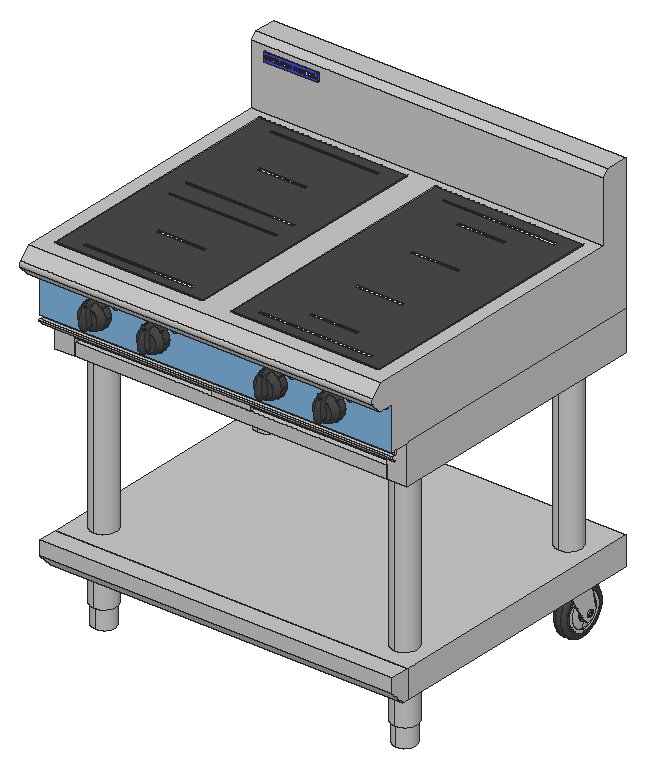
Revit family "QF_Moffat_IN514R3F-LS_Induction_Cooktop_cat", category Specialty Equipment, Revit 2019
Family settings
  Round Connector Dimension = Use Diameter
  Part Type = Normal
  Work Plane-Based = No
  Always vertical = Yes
  Cut with Voids When Loaded = No
  Shared = No
  Room Calculation Point = No
Parameters (values of type "IN514R3F-LS_415/60/3")
  Weight in Kilograms = 105
  Watts = 17000 W
  Volts = 415 V
  URL Cutsheet = ""
  Specification by User = ""
  Specification by Manufacturer = ""
  Show Logo [instance] = yes
  Show Legs [instance] = not(Show Castors)  # no
  Show Castors [instance] = yes
  Serial Number = ""
  Seismic Rating = ""
  SMACNA No = ""
  Revision Code = ""
  Phase = 3
  Number of Poles = 1
  NAFEM Spec ID Number = ""
  Model = "IN514R3F-LS"
  Min Ckt Ampacity = 0 A
  Max Overcurrent Protection = 0 A
  Masterspec = ""
  Manufacturer = "Moffat"
  Length = 900 mm
  Item Number = ""
  Installed By = ""
  Identify Quantity as Lot = yes
  Height = 1085 mm
  HP = ""
  Furnished By = ""
  Foodservice Equipment Identifier = yes
  FL Amps = 24 A
  Electrical Remarks = ""
  Electric Connection Type = ""
  Elec Conn RI Height = 0 mm
  Elec Conn Connection Height = 0 mm
  Description = "Induction Cooktop"
  Depth = 812.2 mm
  Cycle = 60 Hz
  Conn Plug = ""
  Conn Conduit = yes
  CSI MasterFormat = ""
  Apparent Power = if(Phase = 3, Volts * FL Amps * 1.73, Volts * FL Amps)  # 17230.8 VA
Reference planes
  plane 1 "BACK": y = 0
  plane 2: z = 0
  plane 3 "LEFT": x = 0
  plane 4 "RIGHT": x = 900
  plane 5 "FRONT": y = -812.2
  plane 6 "TOP": z = 1085
  plane 7 "Center Y": x = 450
  plane 8 "Center X": y = -406.1
  plane 9: x = 65.5
  plane 10: x = 834.5
  plane 11: y = -30
  plane 12: x = 770
  plane 13: z = 635
  plane 14: y = -100
  plane 15: y = -625
  plane 16: z = 150
Forms (mm)
  Extrusion 1, solid, material "QF_Metal_Stainless_Polished"
    sketch origin (0, 0, 560) x (0, 1, 0) y (0, 0, 1)
      loop
        line (0, 180) -> (0, 525) -> (-57, 525) -> (-70, 512) -> (-70, 354.5) -> (-784.171, 354.5) -> (-808.685, 329.985)
        arc (-808.685, 329.985) -> (-812.2, 321.5) -> (-808.685, 313.015) r 12
        line (-808.685, 313.015) -> (-785.171, 289.5) -> (-749, 289.5) -> (-749, 180) -> (0, 180)
    from 0 to 900
  Extrusion 2, void
    sketch origin (0, -784.171, 914.5) x (0, 1, 0) y (-1, 0, 0)
      loop
        arc (44.671, -33.5) -> (40.428, -35.257) -> (38.671, -39.5) r 6
        line (38.671, -39.5) -> (38.671, -410.5)
        arc (38.671, -410.5) -> (40.428, -414.743) -> (44.671, -416.5) r 6
        line (44.671, -416.5) -> (690.671, -416.5)
        arc (690.671, -416.5) -> (694.913, -414.743) -> (696.671, -410.5) r 6
        line (696.671, -410.5) -> (696.671, -39.5)
        arc (696.671, -39.5) -> (694.913, -35.257) -> (690.671, -33.5) r 6
        line (690.671, -33.5) -> (44.671, -33.5)
      loop
        arc (44.671, -483.5) -> (40.428, -485.257) -> (38.671, -489.5) r 6
        line (38.671, -489.5) -> (38.671, -860.5)
        arc (38.671, -860.5) -> (40.428, -864.743) -> (44.671, -866.5) r 6
        line (44.671, -866.5) -> (690.671, -866.5)
        arc (690.671, -866.5) -> (694.913, -864.743) -> (696.671, -860.5) r 6
        line (696.671, -860.5) -> (696.671, -489.5)
        arc (696.671, -489.5) -> (694.913, -485.257) -> (690.671, -483.5) r 6
        line (690.671, -483.5) -> (44.671, -483.5)
    from 0 to -9.5
  Extrusion 3, solid, material "QF_Plastic_White_Smooth"
    sketch origin (0, -784.171, 905) x (0, 1, 0) y (-1, 0, 0)
      loop
        line (660.921, -362.5) -> (666.921, -362.5) -> (666.921, -87.5) -> (660.921, -87.5) -> (660.921, -362.5)
      loop
        line (526.421, -285) -> (532.421, -285) -> (532.421, -165) -> (526.421, -165) -> (526.421, -285)
      loop
        line (397.921, -87.5) -> (391.921, -87.5) -> (391.921, -362.5) -> (397.921, -362.5) -> (397.921, -87.5)
      loop
        line (337.421, -362.5) -> (343.421, -362.5) -> (343.421, -87.5) -> (337.421, -87.5) -> (337.421, -362.5)
      loop
        line (202.921, -285) -> (208.921, -285) -> (208.921, -165) -> (202.921, -165) -> (202.921, -285)
      loop
        line (68.421, -362.5) -> (74.421, -362.5) -> (74.421, -87.5) -> (68.421, -87.5) -> (68.421, -362.5)
      loop
        line (657.071, -817.5) -> (663.071, -817.5) -> (663.071, -532.5) -> (657.071, -532.5) -> (657.071, -817.5)
      loop
        line (605.471, -615) -> (599.471, -615) -> (599.471, -735) -> (605.471, -735) -> (605.471, -615)
      loop
        line (458.971, -615) -> (452.971, -615) -> (452.971, -735) -> (458.971, -735) -> (458.971, -615)
      loop
        line (275.971, -735) -> (281.971, -735) -> (281.971, -615) -> (275.971, -615) -> (275.971, -735)
      loop
        line (129.471, -735) -> (135.471, -735) -> (135.471, -615) -> (129.471, -615) -> (129.471, -735)
      loop
        line (77.871, -532.5) -> (71.871, -532.5) -> (71.871, -817.5) -> (77.871, -817.5) -> (77.871, -532.5)
    from 0 to 9.5
  Extrusion 4, solid, material "QF_Plastic_Black_Smooth"
    sketch origin (0, -784.171, 914.5) x (0, 1, 0) y (-1, 0, 0)
      loop
        line (690.671, -37.5) -> (44.671, -37.5)
        arc (44.671, -37.5) -> (43.256, -38.086) -> (42.671, -39.5) r 2
        line (42.671, -39.5) -> (42.671, -410.5)
        arc (42.671, -410.5) -> (43.256, -411.914) -> (44.671, -412.5) r 2
        line (44.671, -412.5) -> (690.671, -412.5)
        arc (690.671, -412.5) -> (692.085, -411.914) -> (692.671, -410.5) r 2
        line (692.671, -410.5) -> (692.671, -39.5)
        arc (692.671, -39.5) -> (692.085, -38.086) -> (690.671, -37.5) r 2
      loop
        line (690.671, -487.5) -> (44.671, -487.5)
        arc (44.671, -487.5) -> (43.256, -488.086) -> (42.671, -489.5) r 2
        line (42.671, -489.5) -> (42.671, -860.5)
        arc (42.671, -860.5) -> (43.256, -861.914) -> (44.671, -862.5) r 2
        line (44.671, -862.5) -> (690.671, -862.5)
        arc (690.671, -862.5) -> (692.085, -861.914) -> (692.671, -860.5) r 2
        line (692.671, -860.5) -> (692.671, -489.5)
        arc (692.671, -489.5) -> (692.085, -488.086) -> (690.671, -487.5) r 2
      loop
        line (666.921, -362.5) -> (666.921, -87.5) -> (660.921, -87.5) -> (660.921, -362.5) -> (666.921, -362.5)
      loop
        line (532.421, -285) -> (532.421, -165) -> (526.421, -165) -> (526.421, -285) -> (532.421, -285)
      loop
        line (397.921, -362.5) -> (397.921, -87.5) -> (391.921, -87.5) -> (391.921, -362.5) -> (397.921, -362.5)
      loop
        line (343.421, -87.5) -> (337.421, -87.5) -> (337.421, -362.5) -> (343.421, -362.5) -> (343.421, -87.5)
      loop
        line (208.921, -165) -> (202.921, -165) -> (202.921, -285) -> (208.921, -285) -> (208.921, -165)
      loop
        line (68.421, -362.5) -> (74.421, -362.5) -> (74.421, -87.5) -> (68.421, -87.5) -> (68.421, -362.5)
      loop
        line (657.071, -532.5) -> (657.071, -817.5) -> (663.071, -817.5) -> (663.071, -532.5) -> (657.071, -532.5)
      loop
        line (605.471, -735) -> (605.471, -615) -> (599.471, -615) -> (599.471, -735) -> (605.471, -735)
      loop
        line (458.971, -735) -> (458.971, -615) -> (452.971, -615) -> (452.971, -735) -> (458.971, -735)
      loop
        line (275.971, -615) -> (275.971, -735) -> (281.971, -735) -> (281.971, -615) -> (275.971, -615)
      loop
        line (135.471, -735) -> (135.471, -615) -> (129.471, -615) -> (129.471, -735) -> (135.471, -735)
      loop
        line (77.871, -817.5) -> (77.871, -532.5) -> (71.871, -532.5) -> (71.871, -817.5) -> (77.871, -817.5)
    from 0 to -9.5
  Extrusion 5, solid, material "QF_Metal_Stainless_Polished"
    sketch origin (0, 0, 600) x (0, 1, 0) y (0, 0, 1)
      loop
        line (-737.8, 140) -> (-737.8, 130) -> (-747.305, 130)
        arc (-747.305, 130) -> (-750.276, 128.015) -> (-749.579, 124.511) r 3.215
        line (-749.579, 124.511) -> (-739.05, 113.982) -> (-737.919, 115.113) -> (-748.447, 125.642)
        arc (-748.447, 125.642) -> (-748.797, 127.403) -> (-747.305, 128.4) r 1.615
        line (-747.305, 128.4) -> (-736.2, 128.4) -> (-736.2, 140) -> (-737.8, 140)
    from 0 to 900
  Extrusion 6, solid, material "QF_Plastic_Black_Smooth"
    sketch origin (0, -749, 741.875) x (0, 0, 1) y (-1, 0, 0)
      loop
        circle (99.343, -13.157) r 5
      loop
        circle (99.343, -886.843) r 5
      loop
        circle (99.343, -150) r 5
      loop
        circle (99.343, -300) r 5
      loop
        circle (99.343, -600) r 5
      loop
        circle (99.343, -750) r 5
    from 0 to 1.6
  Extrusion 7, solid, material "QF_Metal_Stainless_Polished"
    sketch origin (0, -699, 640) x (0, 1, 0) y (1, 0, 0)
      loop
        circle (669, 770) r 6.35
    from 0 to 1.6
  Extrusion 8, solid, material "QF_Metal_Stainless_Polished"
    sketch origin (0, -699, 645) x (1, 0, 0) y (0, -1, 0)
      loop
        line (0, -699) -> (900, -699) -> (900, 0) -> (849.2, 0) -> (849.2, -25.4) -> (50.8, -25.4) -> (50.8, 0) -> (0, 0) -> (0, -699)
    from 5 to -95
  Revolve 9, solid, material "QF_Metal_Stainless_Polished"
    sketch origin (65.5, -4572, 255.2) x (0, 0, -1) y (0, -1, 0)
      loop
        line (32.7, -4503.75) -> (32.7, -4472) -> (-384.8, -4472) -> (-384.8, -4503.75) -> (32.7, -4503.75)
      axis (-384.8, -4472) -> (32.7, -4472)
    angle from 0 to 360
  Revolve 10, solid, material "QF_Metal_Stainless_Polished"
    sketch origin (65.5, -4572, 255.2) x (0, 0, -1) y (0, -1, 0)
      loop
        line (255.2, -3974.5) -> (255.2, -3947) -> (-384.8, -3947) -> (-384.8, -3978.75) -> (205.2, -3978.75) -> (205.2, -3974.5) -> (255.2, -3974.5)
      axis (-384.8, -3947) -> (255.2, -3947)
    angle from 0 to 360
  Revolve 11, solid, material "QF_Metal_Stainless_Polished"
    sketch origin (834.5, -4572, 255.2) x (0, 0, -1) y (0, 1, 0)
      loop
        line (32.7, 4503.75) -> (-384.8, 4503.75) -> (-384.8, 4472) -> (32.7, 4472) -> (32.7, 4503.75)
      axis (-384.8, 4472) -> (32.7, 4472)
    angle from 0 to 360
  Revolve 12, solid, material "QF_Metal_Stainless_Polished"
    sketch origin (834.5, -4572, 255.2) x (0, 0, -1) y (0, 1, 0)
      loop
        line (255.2, 3974.5) -> (205.2, 3974.5) -> (205.2, 3978.75) -> (-384.8, 3978.75) -> (-384.8, 3947) -> (255.2, 3947) -> (255.2, 3974.5)
      axis (-384.8, 3947) -> (255.2, 3947)
    angle from 0 to 360
  Extrusion 13, solid, material "QF_Metal_Stainless_Polished"
    sketch origin (0, 0, 0) x (0, 1, 0) y (0, 0, 1)
      loop
        line (-747.95, 186) -> (-711.95, 150) -> (-697.95, 150) -> (-697.95, 222.5) -> (-747.95, 222.5) -> (-747.95, 186)
    from 0 to 900
  Extrusion 14, solid, material "QF_Metal_Stainless_Polished"
    sketch origin (0, 0, 0) x (0, 1, 0) y (0, 0, 1)
      loop
        line (-697.95, 222.5) -> (-697.95, 150) -> (0, 150) -> (0, 222.5) -> (-697.95, 222.5)
    from 0 to 900
  Revolve 15, solid, material "QF_Metal_Stainless_Polished", visible <- "Show Legs"
    sketch origin (65.5, -4047, 255.2) x (0, 0, -1) y (0, -1, 0)
      loop
        line (255.2, -3974.5) -> (255.2, -3947) -> (105.2, -3947) -> (105.2, -3978.75) -> (205.2, -3978.75) -> (205.2, -3974.5) -> (255.2, -3974.5)
      axis (105.2, -3947) -> (255.2, -3947)
    angle from 0 to 360
  Revolve 16, solid, material "QF_Metal_Stainless_Polished", visible <- "Show Legs"
    sketch origin (834.5, -4047, 255.2) x (0, 0, -1) y (0, -1, 0)
      loop
        line (255.2, -3974.5) -> (255.2, -3947) -> (105.2, -3947) -> (105.2, -3978.75) -> (205.2, -3978.75) -> (205.2, -3974.5) -> (255.2, -3974.5)
      axis (105.2, -3947) -> (255.2, -3947)
    angle from 0 to 360
  Extrusion 17, solid, material "QF_Paint_Green"
    sketch origin (-87.5, -749, 742.2) x (0, 0, 1) y (-1, 0, 0)
      loop
        circle (84.8, -282.5) r 7.15
    from 0 to 1.6
  Extrusion 18, solid, material "QF_Metal_Stainless_Polished"
    sketch origin (849.2, -673.6, 645) x (-1, 0, 0) y (0, 0, -1)
      loop
        line (0, 5) -> (0, -27.7) -> (798.4, -27.7) -> (798.4, 5) -> (0, 5)
      loop
        line (450, -37.7) -> (450, -61.4) -> (798.4, -61.4) -> (798.4, -37.7) -> (450, -37.7)
      loop
        line (0, -62.4) -> (0, -95) -> (798.4, -95) -> (798.4, -62.4) -> (0, -62.4)
      loop
        line (348.4, -37.7) -> (0, -37.7) -> (0, -61.4) -> (348.4, -61.4) -> (348.4, -37.7)
    from 0 to 25.4
  Extrusion 19, solid, material "QF_Metal_Stainless_Polished"
    sketch origin (849.2, -673.6, 645) x (1, 0, 0) y (0, 0, -1)
      loop
        line (-348.4, -62.4) -> (-348.4, -27.7) -> (-450, -27.7) -> (-450, -62.4) -> (-348.4, -62.4)
    from 0 to -25.4
  Extrusion 20, solid, material "QF_Paint_Green"
    sketch origin (62.5, -749, 742.2) x (0, 0, 1) y (-1, 0, 0)
      loop
        circle (84.8, -282.5) r 7.15
    from 0 to 1.6
  Extrusion 21, solid, material "QF_Paint_Green"
    sketch origin (362.5, -749, 742.2) x (0, 0, 1) y (-1, 0, 0)
      loop
        circle (84.8, -282.5) r 7.15
    from 0 to 1.6
  Extrusion 22, solid, material "QF_Paint_Green"
    sketch origin (512.5, -749, 742.2) x (0, 0, 1) y (-1, 0, 0)
      loop
        circle (84.8, -282.5) r 7.15
    from 0 to 1.6
Cuts and joins
  Extrusion 2 cuts Extrusion 1
  joined: Revolve 10, Revolve 12, Extrusion 14
Lines and regions (mm)
  symbolic lines
    curve 1: line (0, 0, 0) -> (900, 0, 0)
    curve 2: line (0, -812.2, 0) -> (0, 0, 0)
    curve 3: line (900, -812.2, 0) -> (0, -812.2, 0)
    curve 4: line (900, 0, 0) -> (900, -812.2, 0)
    curve 5: line (0, -57, 0) -> (900, -57, 0)
    curve 6: line (0, -70, 0) -> (900, -70, 0)
    curve 7: line (0, -784.171, 0) -> (900, -784.171, 0)
    curve 8: arc (33.5, -93.5, 0) -> (35.257, -89.257, 0) -> (39.5, -87.5, 0) r 6
    curve 9: line (39.5, -87.5, 0) -> (410.5, -87.5, 0)
    curve 10: arc (410.5, -87.5, 0) -> (414.743, -89.257, 0) -> (416.5, -93.5, 0) r 6
    curve 11: line (416.5, -93.5, 0) -> (416.5, -739.5, 0)
    curve 12: arc (416.5, -739.5, 0) -> (414.743, -743.743, 0) -> (410.5, -745.5, 0) r 6
    curve 13: line (410.5, -745.5, 0) -> (39.5, -745.5, 0)
    curve 14: arc (39.5, -745.5, 0) -> (35.257, -743.743, 0) -> (33.5, -739.5, 0) r 6
    curve 15: line (33.5, -739.5, 0) -> (33.5, -93.5, 0)
    curve 16: line (410.5, -91.5, 0) -> (39.5, -91.5, 0)
    curve 17: arc (39.5, -91.5, 0) -> (38.086, -92.086, 0) -> (37.5, -93.5, 0) r 2
    curve 18: line (37.5, -93.5, 0) -> (37.5, -739.5, 0)
    curve 19: arc (37.5, -739.5, 0) -> (38.086, -740.914, 0) -> (39.5, -741.5, 0) r 2
    curve 20: line (39.5, -741.5, 0) -> (410.5, -741.5, 0)
    curve 21: arc (410.5, -741.5, 0) -> (411.914, -740.914, 0) -> (412.5, -739.5, 0) r 2
    curve 22: line (412.5, -739.5, 0) -> (412.5, -93.5, 0)
    curve 23: arc (412.5, -93.5, 0) -> (411.914, -92.086, 0) -> (410.5, -91.5, 0) r 2
    curve 24: line (362.5, -123.25, 0) -> (87.5, -123.25, 0)
    curve 25: line (87.5, -123.25, 0) -> (87.5, -117.25, 0)
    curve 26: line (87.5, -117.25, 0) -> (362.5, -117.25, 0)
    curve 27: line (362.5, -117.25, 0) -> (362.5, -123.25, 0)
    curve 28: line (285, -257.75, 0) -> (165, -257.75, 0)
    curve 29: line (165, -257.75, 0) -> (165, -251.75, 0)
    curve 30: line (165, -251.75, 0) -> (285, -251.75, 0)
    curve 31: line (285, -251.75, 0) -> (285, -257.75, 0)
    curve 32: line (362.5, -446.75, 0) -> (87.5, -446.75, 0)
    curve 33: line (87.5, -446.75, 0) -> (87.5, -440.75, 0)
    curve 34: line (87.5, -440.75, 0) -> (362.5, -440.75, 0)
    curve 35: line (362.5, -440.75, 0) -> (362.5, -446.75, 0)
    curve 36: line (87.5, -386.25, 0) -> (362.5, -386.25, 0)
    curve 37: line (362.5, -386.25, 0) -> (362.5, -392.25, 0)
    curve 38: line (362.5, -392.25, 0) -> (87.5, -392.25, 0)
    curve 39: line (87.5, -392.25, 0) -> (87.5, -386.25, 0)
    curve 40: line (165, -581.25, 0) -> (285, -581.25, 0)
    curve 41: line (285, -581.25, 0) -> (285, -575.25, 0)
    curve 42: line (285, -575.25, 0) -> (165, -575.25, 0)
    curve 43: line (165, -575.25, 0) -> (165, -581.25, 0)
    curve 44: line (362.5, -709.75, 0) -> (87.5, -709.75, 0)
    curve 45: line (87.5, -709.75, 0) -> (87.5, -715.75, 0)
    curve 46: line (87.5, -715.75, 0) -> (362.5, -715.75, 0)
    curve 47: line (362.5, -715.75, 0) -> (362.5, -709.75, 0)
    curve 48: line (489.5, -87.5, 0) -> (860.5, -87.5, 0)
    curve 49: arc (860.5, -87.5, 0) -> (864.743, -89.257, 0) -> (866.5, -93.5, 0) r 6
    curve 50: line (866.5, -93.5, 0) -> (866.5, -739.5, 0)
    curve 51: arc (866.5, -739.5, 0) -> (864.743, -743.743, 0) -> (860.5, -745.5, 0) r 6
    curve 52: line (860.5, -745.5, 0) -> (489.5, -745.5, 0)
    curve 53: arc (489.5, -745.5, 0) -> (485.257, -743.743, 0) -> (483.5, -739.5, 0) r 6
    curve 54: line (483.5, -739.5, 0) -> (483.5, -93.5, 0)
    curve 55: arc (483.5, -93.5, 0) -> (485.257, -89.257, 0) -> (489.5, -87.5, 0) r 6
    curve 56: line (860.5, -91.5, 0) -> (489.5, -91.5, 0)
    curve 57: arc (489.5, -91.5, 0) -> (488.086, -92.086, 0) -> (487.5, -93.5, 0) r 2
    curve 58: line (487.5, -93.5, 0) -> (487.5, -739.5, 0)
    curve 59: arc (487.5, -739.5, 0) -> (488.086, -740.914, 0) -> (489.5, -741.5, 0) r 2
    curve 60: line (489.5, -741.5, 0) -> (860.5, -741.5, 0)
    curve 61: arc (860.5, -741.5, 0) -> (861.914, -740.914, 0) -> (862.5, -739.5, 0) r 2
    curve 62: line (862.5, -739.5, 0) -> (862.5, -93.5, 0)
    curve 63: arc (862.5, -93.5, 0) -> (861.914, -92.086, 0) -> (860.5, -91.5, 0) r 2
    curve 64: line (532.5, -121.1, 0) -> (817.5, -121.1, 0)
    curve 65: line (817.5, -121.1, 0) -> (817.5, -127.1, 0)
    curve 66: line (817.5, -127.1, 0) -> (532.5, -127.1, 0)
    curve 67: line (532.5, -127.1, 0) -> (532.5, -121.1, 0)
    curve 68: line (615, -178.7, 0) -> (735, -178.7, 0)
    curve 69: line (735, -178.7, 0) -> (735, -184.7, 0)
    curve 70: line (735, -184.7, 0) -> (615, -184.7, 0)
    curve 71: line (615, -184.7, 0) -> (615, -178.7, 0)
    curve 72: line (615, -325.2, 0) -> (735, -325.2, 0)
    curve 73: line (735, -325.2, 0) -> (735, -331.2, 0)
    curve 74: line (735, -331.2, 0) -> (615, -331.2, 0)
    curve 75: line (615, -331.2, 0) -> (615, -325.2, 0)
    curve 76: line (615, -502.2, 0) -> (735, -502.2, 0)
    curve 77: line (735, -502.2, 0) -> (735, -508.2, 0)
    curve 78: line (735, -508.2, 0) -> (615, -508.2, 0)
    curve 79: line (615, -508.2, 0) -> (615, -502.2, 0)
    curve 80: line (615, -648.7, 0) -> (735, -648.7, 0)
    curve 81: line (735, -648.7, 0) -> (735, -654.7, 0)
    curve 82: line (735, -654.7, 0) -> (615, -654.7, 0)
    curve 83: line (615, -654.7, 0) -> (615, -648.7, 0)
    curve 84: line (532.5, -706.3, 0) -> (817.5, -706.3, 0)
    curve 85: line (817.5, -706.3, 0) -> (817.5, -712.3, 0)
    curve 86: line (817.5, -712.3, 0) -> (532.5, -712.3, 0)
    curve 87: line (532.5, -712.3, 0) -> (532.5, -706.3, 0)
Dimensions and locks
  equal spacing: plane 3 "LEFT", plane 7 "Center Y", plane 4 "RIGHT"
  "Length": plane 3 "LEFT" to plane 4 "RIGHT"
  equal spacing: plane 5 "FRONT", plane 8 "Center X", plane 1 "BACK"
  "Depth": plane 5 "FRONT" to plane 1 "BACK"
  "Height": plane 6 "TOP" to level
  plane 9 to plane 10 = 769 mm
  plane 4 "RIGHT" to plane 3 "LEFT" = 900 mm
  plane 1 "BACK" to cut or joined group of Extrusion 1, Extrusion 2 = 70 mm
  plane 1 "BACK" to plane 5 "FRONT" = 812.2 mm
  plane 6 "TOP" to plane 2 = 1085 mm
  cut or joined group of Extrusion 1, Extrusion 2 to plane 2 = 914.5 mm
  locked: plane 12 to plane 4 "RIGHT" at 130
  plane 1 "BACK" to plane 11 = 30 mm
  plane 1 "BACK" to plane 14 to plane 15 = 100 mm, 525 mm
  plane 2 to plane 13 = 635 mm
  plane 16 to plane 2 = 150 mm
  aligned and locked: level to plane 2
Automatic sketch dimensions
  Extrusion 1 sketch curve to plane 6 "TOP" = 0 mm
  Extrusion 1 sketch curve to plane 1 "BACK" = 0 mm
  plane 11 to Extrusion 1 sketch curve = 27 mm
  Extrusion 1 sketch curve to plane 6 "TOP" = 13 mm
  Extrusion 1 sketch curve to Extrusion 1 sketch curve = 13 mm
  Extrusion 1 sketch curve to plane 5 "FRONT" = 63.2 mm
  Extrusion 1 sketch curve to plane 5 "FRONT" = 28.029 mm
  Extrusion 1 sketch curve to plane 5 "FRONT" = 27.029 mm
  Extrusion 1 sketch curve to plane 5 "FRONT" = 12 mm
  Extrusion 1 sketch curve to plane 5 "FRONT" = 3.515 mm  (x2)
  Extrusion 1 sketch curve to plane 6 "TOP" = 170.5 mm
  Extrusion 1 sketch curve to Extrusion 1 sketch curve = 24.515 mm
  Extrusion 1 sketch curve to Extrusion 1 sketch curve = 8.485 mm
  Extrusion 1 sketch curve to Extrusion 1 sketch curve = 32 mm
  Extrusion 1 sketch curve to plane 13 = 105 mm
  Extrusion 5 sketch curve to Extrusion 5 sketch curve = 0 mm  (x2)
  Extrusion 5 sketch curve to plane 5 "FRONT" = 62.621 mm
  Extrusion 5 sketch curve to Extrusion 5 sketch curve = 1.131 mm  (x3)
  Extrusion 5 sketch curve to Extrusion 5 sketch curve = 1.142 mm  (x2)
  Extrusion 5 sketch curve to Extrusion 5 sketch curve = 10.529 mm
  Extrusion 5 sketch curve to Extrusion 5 sketch curve = 9.505 mm
  Extrusion 5 sketch curve to Extrusion 5 sketch curve = 1.6 mm
  Extrusion 5 sketch curve to plane 13 = 78.982 mm
  Extrusion 5 sketch curve to Extrusion 5 sketch curve = 10 mm
  Extrusion 8 to Extrusion 7 sketch curve = 30 mm
  Extrusion 7 sketch curve to Extrusion 8 = 79.2 mm
  plane 1 "BACK" to Extrusion 8 sketch curve = 0 mm
  Extrusion 8 sketch curve to plane 3 "LEFT" = 0 mm
  Extrusion 8 sketch curve to plane 4 "RIGHT" = 0 mm
  plane 9 to Extrusion 8 sketch curve = 14.7 mm
  Extrusion 8 sketch curve to plane 10 = 14.7 mm
  plane 15 to Extrusion 8 sketch curve = 48.6 mm
  Extrusion 8 sketch curve to Extrusion 8 sketch curve = 25.4 mm  (x2)
  Revolve 9 sketch curve to plane 14 = 0 mm  (x2)
  Revolve 9 sketch curve to plane 13 = 5 mm
  Revolve 9 sketch curve to plane 14 = 31.75 mm
  plane 16 to Revolve 9 sketch curve = 72.5 mm
  Revolve 9 sketch curve to Revolve 9 sketch curve = 0 mm
  plane 16 to Revolve 9 sketch curve = 25 mm
  Revolve 10 sketch curve to plane 15 = 0 mm  (x2)
  Revolve 10 sketch curve to level = 0 mm  (x2)
  level to Revolve 10 sketch curve = 50 mm
  Revolve 10 sketch curve to plane 13 = 5 mm
  Revolve 10 sketch curve to Revolve 10 sketch curve = 27.5 mm
  Revolve 10 sketch curve to Revolve 10 sketch curve = 31.75 mm
  Revolve 10 sketch curve to Revolve 10 sketch curve = 25 mm
  Revolve 11 sketch curve to plane 14 = 0 mm  (x2)
  Revolve 11 sketch curve to plane 13 = 5 mm
  Revolve 11 sketch curve to plane 14 = 31.75 mm
  plane 16 to Revolve 11 sketch curve = 72.5 mm
  Revolve 11 sketch curve to Revolve 11 sketch curve = 0 mm
  Revolve 11 sketch curve to Revolve 11 sketch curve = 25 mm
  Revolve 12 sketch curve to plane 15 = 0 mm  (x2)
  Revolve 12 sketch curve to level = 0 mm  (x2)
  level to Revolve 12 sketch curve = 50 mm
  Revolve 12 sketch curve to plane 13 = 5 mm
  Revolve 12 sketch curve to plane 15 = 27.5 mm
  Revolve 12 sketch curve to Revolve 12 sketch curve = 4.25 mm
  Revolve 12 sketch curve to Revolve 12 sketch curve = 25 mm
  Extrusion 13 sketch curve to plane 16 = 0 mm
  Extrusion 13 sketch curve to plane 5 "FRONT" = 64.25 mm
  Extrusion 13 sketch curve to Extrusion 13 sketch curve = 36 mm
  Extrusion 13 sketch curve to Extrusion 13 sketch curve = 14 mm
  plane 16 to Extrusion 13 sketch curve = 36 mm
  Extrusion 13 sketch curve to Extrusion 13 sketch curve = 36.5 mm
  Extrusion 14 sketch curve to plane 16 = 0 mm
  Extrusion 14 sketch curve to plane 1 "BACK" = 0 mm
  plane 15 to Extrusion 14 sketch curve = 72.95 mm
  Extrusion 14 sketch curve to Extrusion 14 sketch curve = 72.5 mm
  Revolve 15 sketch curve to plane 14 = 0 mm  (x2)
  Revolve 15 sketch curve to plane 16 = 0 mm
  Revolve 15 sketch curve to level = 0 mm  (x2)
  level to Revolve 15 sketch curve = 50 mm
  Revolve 15 sketch curve to Revolve 15 sketch curve = 27.5 mm
  Revolve 15 sketch curve to plane 14 = 31.75 mm
  Revolve 15 sketch curve to Revolve 15 sketch curve = 25 mm
  Revolve 16 sketch curve to plane 14 = 0 mm  (x2)
  Revolve 16 sketch curve to plane 16 = 0 mm
  Revolve 16 sketch curve to level = 0 mm  (x2)
  level to Revolve 16 sketch curve = 50 mm
  Revolve 16 sketch curve to Revolve 16 sketch curve = 27.5 mm
  Revolve 16 sketch curve to plane 14 = 31.75 mm
  Revolve 16 sketch curve to Revolve 16 sketch curve = 25 mm
  Extrusion 1 to Extrusion 17 sketch curve = 22.5 mm
  Extrusion 1 to Extrusion 17 sketch curve = 195 mm
  Extrusion 18 sketch curve to Extrusion 8 = 0 mm  (x8)
  Extrusion 8 to Extrusion 18 sketch curve = 42.7 mm
  Extrusion 18 sketch curve to Extrusion 8 = 348.4 mm
  Extrusion 8 to Extrusion 18 sketch curve = 33.6 mm
  Extrusion 18 sketch curve to Extrusion 18 sketch curve = 101.6 mm
  Extrusion 18 sketch curve to Extrusion 18 sketch curve = 1 mm  (x2)
  Extrusion 18 sketch curve to Extrusion 18 sketch curve = 23.7 mm
  Extrusion 18 sketch curve to Extrusion 18 sketch curve = 10 mm
  Extrusion 18 to Extrusion 19 sketch curve = 0 mm
  Extrusion 19 sketch curve to Extrusion 18 = 0 mm  (x3)
  Extrusion 1 to Extrusion 20 sketch curve = 22.5 mm
  Extrusion 1 to Extrusion 20 sketch curve = 345 mm
  Extrusion 1 to Extrusion 21 sketch curve = 22.5 mm
  Extrusion 1 to Extrusion 21 sketch curve = 255 mm
  Extrusion 1 to Extrusion 22 sketch curve = 22.5 mm
  Extrusion 1 to Extrusion 22 sketch curve = 105 mm
  curve 3 to plane 3 "LEFT" = 0 mm
  curve 3 to plane 4 "RIGHT" = 0 mm
  plane 5 "FRONT" to curve 3 = 0 mm
  plane 1 "BACK" to curve 2 = 0 mm
  plane 11 to curve 5 = 27 mm
  curve 6 to curve 5 = 13 mm
  curve 2 to curve 7 = 28.029 mm
  Extrusion 1 to Extrusion 6 sketch curve = 8.282 mm  (x6)
  Extrusion 1 to Extrusion 6 sketch curve = 13.157 mm  (x2)
  Extrusion 6 sketch curve to Extrusion 6 sketch curve = 136.843 mm
  Extrusion 6 sketch curve to Extrusion 6 sketch curve = 150 mm
  Extrusion 1 to Extrusion 6 sketch curve = 300 mm
  Extrusion 1 to Extrusion 6 sketch curve = 150 mm
  Extrusion 2 sketch curve to Extrusion 1 = 38.671 mm  (x2)
  Extrusion 2 sketch curve to Extrusion 2 sketch curve = 6 mm  (x6)
  Extrusion 1 to Extrusion 2 sketch curve = 23.5 mm  (x4)
  Extrusion 1 to Extrusion 2 sketch curve = 416.5 mm
  Extrusion 1 to Extrusion 2 sketch curve = 39.5 mm  (x2)
  Extrusion 2 sketch curve to Extrusion 2 sketch curve = 67 mm
  Extrusion 4 sketch curve to Extrusion 1 = 42.671 mm  (x2)
  Extrusion 4 sketch curve to Extrusion 4 sketch curve = 2 mm  (x6)
  Extrusion 4 sketch curve to Extrusion 4 sketch curve = 23.75 mm
  Extrusion 4 sketch curve to Extrusion 4 sketch curve = 6 mm  (x12)
  Extrusion 4 sketch curve to Extrusion 4 sketch curve = 128.5 mm  (x3)
  Extrusion 4 sketch curve to Extrusion 4 sketch curve = 48.5 mm
  Extrusion 1 to Extrusion 4 sketch curve = 53.25 mm
  Extrusion 1 to Extrusion 4 sketch curve = 23.5 mm  (x4)
  Extrusion 1 to Extrusion 4 sketch curve = 37.5 mm
  Extrusion 4 sketch curve to Extrusion 4 sketch curve = 75 mm
  Extrusion 4 sketch curve to Extrusion 4 sketch curve = 48 mm  (x2)
  Extrusion 4 sketch curve to Extrusion 4 sketch curve = 0 mm  (x5)
  Extrusion 4 sketch curve to Extrusion 4 sketch curve = 77.5 mm  (x2)
  Extrusion 4 sketch curve to Extrusion 4 sketch curve = 120 mm  (x5)
  Extrusion 1 to Extrusion 4 sketch curve = 87.5 mm  (x3)
  Extrusion 1 to Extrusion 4 sketch curve = 39.5 mm
  Extrusion 3 sketch curve to Extrusion 2 = 35.75 mm  (x2)
  Extrusion 3 sketch curve to Extrusion 3 sketch curve = 6 mm  (x12)
  Extrusion 3 sketch curve to Extrusion 2 = 54 mm  (x7)
  Extrusion 3 sketch curve to Extrusion 3 sketch curve = 128.5 mm  (x3)
  Extrusion 3 sketch curve to Extrusion 2 = 131.5 mm  (x5)
  Extrusion 3 sketch curve to Extrusion 3 sketch curve = 120 mm  (x5)
  Extrusion 3 sketch curve to Extrusion 3 sketch curve = 48.5 mm
  Extrusion 3 sketch curve to Extrusion 3 sketch curve = 0 mm
  plane 9 to curve 15 = 32 mm
  curve 14 to curve 14 = 6 mm
  curve 8 to curve 8 = 6 mm
  curve 13 to plane 7 "Center Y" = 39.5 mm
  curve 9 to plane 14 = 12.5 mm
  curve 9 to plane 7 "Center Y" = 39.5 mm
  curve 12 to curve 11 = 6 mm
  curve 13 to plane 5 "FRONT" = 66.7 mm
  curve 8 to curve 17 = 0 mm  (x2)
  curve 10 to curve 23 = 0 mm  (x2)
  curve 12 to curve 21 = 0 mm  (x2)
  curve 14 to curve 19 = 0 mm
  curve 18 to curve 8 = 2 mm
  curve 24 to plane 9 = 22 mm
  plane 14 to curve 27 = 17.25 mm
  curve 27 to curve 23 = 48 mm
  curve 24 to curve 25 = 6 mm
  curve 28 to plane 9 = 99.5 mm
  curve 29 to curve 31 = 120 mm
  plane 8 "Center X" to curve 28 = 148.35 mm
  curve 28 to curve 30 = 6 mm
  curve 32 to plane 9 = 22 mm
  curve 32 to plane 8 "Center X" = 40.65 mm
  curve 32 to plane 7 "Center Y" = 87.5 mm
  curve 32 to curve 33 = 6 mm
  curve 39 to plane 9 = 22 mm
  plane 8 "Center X" to curve 37 = 13.85 mm
  curve 37 to curve 34 = 0 mm
  curve 37 to curve 37 = 6 mm
  curve 40 to plane 15 = 43.75 mm
  curve 40 to plane 9 = 99.5 mm
  curve 42 to plane 15 = 49.75 mm
  curve 42 to curve 42 = 120 mm
  curve 44 to plane 9 = 22 mm
  curve 44 to curve 21 = 48 mm
  curve 21 to curve 47 = 23.75 mm
  curve 45 to curve 44 = 6 mm
  curve 54 to plane 14 = 6.5 mm
  plane 7 "Center Y" to curve 54 = 33.5 mm
  curve 54 to curve 55 = 6 mm
  curve 53 to curve 53 = 6 mm
  curve 48 to plane 10 = 26 mm
  curve 52 to plane 10 = 26 mm
  curve 51 to curve 50 = 6 mm
  curve 7 to curve 52 = 38.671 mm
  curve 49 to curve 63 = 0 mm  (x2)
  curve 51 to curve 61 = 0 mm  (x2)
  curve 53 to curve 59 = 0 mm  (x2)
  curve 55 to curve 57 = 0 mm
  curve 58 to curve 55 = 2 mm
  Extrusion 4 sketch curve to Extrusion 4 sketch curve = 371 mm
  Extrusion 4 sketch curve to Extrusion 4 sketch curve = 33.6 mm
  Extrusion 4 sketch curve to Extrusion 4 sketch curve = 43 mm  (x4)
  Extrusion 4 sketch curve to Extrusion 4 sketch curve = 57.6 mm
  Extrusion 4 sketch curve to Extrusion 4 sketch curve = 82.5 mm  (x2)
  Extrusion 4 sketch curve to Extrusion 4 sketch curve = 146.5 mm
  Extrusion 4 sketch curve to Extrusion 4 sketch curve = 177 mm
  Extrusion 1 to Extrusion 4 sketch curve = 165 mm
  Extrusion 4 sketch curve to Extrusion 1 = 129.471 mm
  Extrusion 4 sketch curve to Extrusion 4 sketch curve = 27.2 mm
  Extrusion 3 sketch curve to Extrusion 2 = 39.6 mm
  Extrusion 3 sketch curve to Extrusion 2 = 49 mm  (x4)
  Extrusion 3 sketch curve to Extrusion 2 = 97.2 mm
  Extrusion 3 sketch curve to Extrusion 3 sketch curve = 82.5 mm  (x2)
  Extrusion 3 sketch curve to Extrusion 3 sketch curve = 146.5 mm
  Extrusion 3 sketch curve to Extrusion 3 sketch curve = 177 mm
  Extrusion 3 sketch curve to Extrusion 2 = 90.8 mm
  Extrusion 3 sketch curve to Extrusion 2 = 33.2 mm
  plane 14 to curve 66 = 27.1 mm
  curve 57 to curve 66 = 43 mm
  plane 10 to curve 66 = 17 mm
  curve 66 to curve 67 = 6 mm
  curve 66 to curve 70 = 82.5 mm
  plane 12 to curve 70 = 35 mm
  plane 14 to curve 70 = 84.7 mm
  curve 69 to curve 69 = 6 mm
  curve 74 to curve 70 = 0 mm
  plane 12 to curve 72 = 35 mm
  plane 8 "Center X" to curve 75 = 74.9 mm
  curve 74 to curve 75 = 6 mm
  plane 12 to curve 76 = 155 mm
  plane 12 to curve 76 = 35 mm
  curve 78 to plane 8 "Center X" = 102.1 mm
  curve 77 to curve 76 = 6 mm
  plane 15 to curve 83 = 23.7 mm
  curve 83 to curve 78 = 0 mm
  plane 12 to curve 80 = 35 mm
  curve 82 to curve 80 = 6 mm
  curve 53 to curve 84 = 43 mm
  plane 10 to curve 85 = 17 mm
  curve 51 to curve 85 = 27.2 mm
  curve 85 to curve 85 = 6 mm
  radius of Extrusion 7 sketch curve = 6.35 mm
  radius of Extrusion 17 sketch curve = 7.15 mm
  radius of Extrusion 20 sketch curve = 7.15 mm
  radius of Extrusion 21 sketch curve = 7.15 mm
  radius of Extrusion 22 sketch curve = 7.15 mm
  radius of Extrusion 6 sketch curve = 5 mm  (x6)
Nested families
  nested 1: "QF_LOGO_BLue Seal" at (32, -70, 1034.385), visible <- "Show Logo", type "QF_LOGO_BLue Seal"
  nested 2: "6 INCHES 02_CASTER" at (65.5, -100, 0), Show Casters <- "Show Castors", type "6 INCHES 02_CASTER"
    with Type Mark "", Specification by User "", Show Casters yes, Revision Code "", Item Number "", Installed By "", Identify Quantity as Lot yes, Furnished By "", Foodservice Equipment Identifier yes
  nested 3: "6 INCHES 02_CASTER" at (834.5, -100, 0), Show Casters <- "Show Castors", type "6 INCHES 02_CASTER"
    with Type Mark "", Specification by User "", Show Casters yes, Revision Code "", Item Number "", Installed By "", Identify Quantity as Lot yes, Furnished By "", Foodservice Equipment Identifier yes
  nested 4: "Knob" at (117.5, -739.5, 764.5), type "Knob"
  nested 5: "Knob" at (267.5, -739.5, 764.5), type "Knob"
  nested 6: "Knob" at (567.5, -739.5, 764.5), type "Knob"
  nested 7: "Knob" at (717.5, -739.5, 764.5), type "Knob"
Connectors
  electrical at (770, -30, 638.4), driven by "Volts", driven by "Watts"
    settings: on Extrusion 7, index 1, voltage 415 V, apparent load 17000 VA, apparent load phase1 0 VA, apparent load phase2 0 VA, apparent load phase3 0 VA, power factor 1, load classification "Other", number of poles 1, system type 30, power factor state 1, is connector primary yes, connector utility no, sub classification motor no, connector description "Electrical Connection"
Definition of nested family "QF_LOGO_BLue Seal"
  Parameters (values of type "QF_LOGO_BLue Seal")
    Weight in Pounds = 0
    URL Cutsheet = ""
    Specification by User = ""
    Specification by Manufacturer = ""
    Serial Number = ""
    Seismic Rating = ""
    SMACNA No = ""
    Revision Code = ""
    NAFEM Spec ID Number = ""
    Masterspec = ""
    Length = 138 mm
    Item Number = ""
    Installed By = ""
    Identify Quantity as Lot = yes
    Height = 23 mm
    Furnished By = ""
    Foodservice Equipment Identifier = yes
    Depth = 3.175 mm
    CSI MasterFormat = ""
  Reference planes
    plane 1 "BACK": y = 0
    plane 2: z = 0
    plane 3 "LEFT": x = 0
    plane 4 "RIGHT": x = 138
    plane 5 "FRONT": y = -3.175
    plane 6 "TOP": z = 23
    plane 7 "Center Y": x = 69
    plane 8 "Center X": y = -1.587
  Forms (mm)
    Extrusion 1, solid
      sketch origin (0, 0, 0) x (1, 0, 0) y (0, 0, 1)
        loop
          arc (2, 23) -> (0.586, 22.414) -> (0, 21) r 2
          line (0, 21) -> (0, 2)
          arc (0, 2) -> (0.586, 0.586) -> (2, 0) r 2
          line (2, 0) -> (136, 0)
          arc (136, 0) -> (137.414, 0.586) -> (138, 2) r 2
          line (138, 2) -> (138, 21)
          arc (138, 21) -> (137.414, 22.414) -> (136, 23) r 2
          line (136, 23) -> (2, 23)
        loop
          arc (16.625, 15.317) -> (15.943, 15.034) -> (15.66, 14.352) r 0.965
          line (15.66, 14.352) -> (15.66, 8.169)
          arc (15.66, 8.169) -> (15.953, 7.461) -> (16.66, 7.169) r 1
          line (16.66, 7.169) -> (27.958, 7.169)
          arc (27.958, 7.169) -> (29.995, 9.206) -> (27.958, 11.243) r 2.037
          arc (27.958, 11.243) -> (29.995, 13.28) -> (27.958, 15.317) r 2.037
          line (27.958, 15.317) -> (16.625, 15.317)
        loop
          line (21.163, 13.835) -> (21.163, 12.291) -> (23.596, 12.291)
          arc (23.596, 12.291) -> (24.368, 13.063) -> (23.596, 13.835) r 0.772
          line (23.596, 13.835) -> (21.163, 13.835)
        loop
          line (21.163, 8.544) -> (23.596, 8.544)
          arc (23.596, 8.544) -> (24.368, 9.316) -> (23.596, 10.089) r 0.772
          line (23.596, 10.089) -> (21.163, 10.089) -> (21.163, 8.544)
        loop
          arc (32.475, 15.317) -> (31.768, 15.024) -> (31.475, 14.317) r 1
          line (31.475, 14.317) -> (31.475, 8.169)
          arc (31.475, 8.169) -> (31.768, 7.461) -> (32.475, 7.169) r 1
          line (32.475, 7.169) -> (41.849, 7.169)
          arc (41.849, 7.169) -> (42.859, 8.178) -> (41.849, 9.188) r 1.01
          line (41.849, 9.188) -> (37.262, 9.188) -> (37.262, 14.317)
          arc (37.262, 14.317) -> (36.969, 15.024) -> (36.262, 15.317) r 1
          line (36.262, 15.317) -> (32.475, 15.317)
        loop
          arc (44.648, 15.317) -> (43.941, 15.024) -> (43.648, 14.317) r 1
          line (43.648, 14.317) -> (43.648, 9.124)
          arc (43.648, 9.124) -> (44.221, 7.741) -> (45.604, 7.169) r 1.956
          line (45.604, 7.169) -> (55.306, 7.169)
          arc (55.306, 7.169) -> (56.749, 7.766) -> (57.347, 9.209) r 2.04
          line (57.347, 9.209) -> (57.347, 14.358)
          arc (57.347, 14.358) -> (57.066, 15.036) -> (56.388, 15.317) r 0.959
          line (56.388, 15.317) -> (52.676, 15.317)
          arc (52.676, 15.317) -> (51.968, 15.024) -> (51.676, 14.317) r 1
          line (51.676, 14.317) -> (51.676, 10.17)
          arc (51.676, 10.17) -> (50.529, 9.024) -> (49.383, 10.17) r 1.146
          line (49.383, 10.17) -> (49.383, 14.317)
          arc (49.383, 14.317) -> (49.09, 15.024) -> (48.383, 15.317) r 1
          line (48.383, 15.317) -> (44.648, 15.317)
        loop
          arc (60.035, 15.317) -> (59.328, 15.024) -> (59.035, 14.317) r 1
          line (59.035, 14.317) -> (59.035, 8.169)
          arc (59.035, 8.169) -> (59.328, 7.461) -> (60.035, 7.169) r 1
          line (60.035, 7.169) -> (69.845, 7.169)
          arc (69.845, 7.169) -> (70.828, 8.152) -> (69.845, 9.135) r 0.983
          line (69.845, 9.135) -> (65.06, 9.135) -> (65.06, 10.415) -> (69.988, 10.415)
          arc (69.988, 10.415) -> (70.828, 11.255) -> (69.988, 12.095) r 0.84
          line (69.988, 12.095) -> (65.06, 12.095) -> (65.06, 13.215) -> (69.777, 13.215)
          arc (69.777, 13.215) -> (70.828, 14.266) -> (69.777, 15.317) r 1.051
          line (69.777, 15.317) -> (60.035, 15.317)
        loop
          line (77.315, 14.317) -> (77.315, 11.634)
          arc (77.315, 11.634) -> (77.608, 10.927) -> (78.315, 10.634) r 1
          line (78.315, 10.634) -> (85.957, 10.634) -> (85.957, 8.756) -> (82.871, 8.756) -> (82.871, 9.708) -> (77.315, 9.708) -> (77.315, 8.169)
          arc (77.315, 8.169) -> (77.608, 7.461) -> (78.315, 7.169) r 1
          line (78.315, 7.169) -> (90.614, 7.169)
          arc (90.614, 7.169) -> (91.321, 7.461) -> (91.614, 8.169) r 1
          line (91.614, 8.169) -> (91.614, 11.073)
          arc (91.614, 11.073) -> (91.322, 11.778) -> (90.617, 12.07) r 0.996
          line (90.617, 12.07) -> (82.871, 12.07) -> (82.871, 13.786) -> (85.957, 13.786) -> (85.957, 12.856) -> (91.614, 12.856) -> (91.614, 14.317)
          arc (91.614, 14.317) -> (91.321, 15.024) -> (90.614, 15.317) r 1
          line (90.614, 15.317) -> (78.315, 15.317)
          arc (78.315, 15.317) -> (77.608, 15.024) -> (77.315, 14.317) r 1
        loop
          arc (107.404, 15.317) -> (106.697, 15.024) -> (106.404, 14.317) r 1
          line (106.404, 14.317) -> (106.404, 8.169)
          arc (106.404, 8.169) -> (106.697, 7.461) -> (107.404, 7.169) r 1
          line (107.404, 7.169) -> (111.34, 7.169)
          arc (111.34, 7.169) -> (112.047, 7.461) -> (112.34, 8.169) r 1
          line (112.34, 8.169) -> (112.34, 9.135) -> (115.1, 9.135) -> (115.1, 8.169)
          arc (115.1, 8.169) -> (115.393, 7.461) -> (116.1, 7.169) r 1
          line (116.1, 7.169) -> (119.975, 7.169)
          arc (119.975, 7.169) -> (120.682, 7.461) -> (120.975, 8.169) r 1
          line (120.975, 8.169) -> (120.975, 14.317)
          arc (120.975, 14.317) -> (120.682, 15.024) -> (119.975, 15.317) r 1
          line (119.975, 15.317) -> (107.404, 15.317)
        loop
          arc (94.016, 15.317) -> (93.309, 15.024) -> (93.016, 14.317) r 1
          line (93.016, 14.317) -> (93.016, 8.169)
          arc (93.016, 8.169) -> (93.309, 7.461) -> (94.016, 7.169) r 1
          line (94.016, 7.169) -> (103.826, 7.169)
          arc (103.826, 7.169) -> (104.809, 8.152) -> (103.826, 9.135) r 0.983
          line (103.826, 9.135) -> (99.041, 9.135) -> (99.041, 10.415) -> (103.969, 10.415)
          arc (103.969, 10.415) -> (104.809, 11.255) -> (103.969, 12.095) r 0.84
          line (103.969, 12.095) -> (99.041, 12.095) -> (99.041, 13.215) -> (103.759, 13.215)
          arc (103.759, 13.215) -> (104.809, 14.266) -> (103.759, 15.317) r 1.051
          line (103.759, 15.317) -> (94.016, 15.317)
        loop
          line (112.34, 11.583) -> (115.1, 11.583) -> (115.1, 12.915)
          arc (115.1, 12.915) -> (114.954, 13.268) -> (114.6, 13.415) r 0.5
          line (114.6, 13.415) -> (112.84, 13.415)
          arc (112.84, 13.415) -> (112.487, 13.268) -> (112.34, 12.915) r 0.5
          line (112.34, 12.915) -> (112.34, 11.583)
        loop
          arc (123.692, 15.317) -> (122.985, 15.024) -> (122.692, 14.317) r 1
          line (122.692, 14.317) -> (122.692, 8.169)
          arc (122.692, 8.169) -> (122.985, 7.461) -> (123.692, 7.169) r 1
          line (123.692, 7.169) -> (133.067, 7.169)
          arc (133.067, 7.169) -> (134.076, 8.178) -> (133.067, 9.188) r 1.01
          line (133.067, 9.188) -> (128.479, 9.188) -> (128.479, 14.317)
          arc (128.479, 14.317) -> (128.186, 15.024) -> (127.479, 15.317) r 1
          line (127.479, 15.317) -> (123.692, 15.317)
        loop
          circle (8.135, 11.2) r 4.581
      from 0 to 3.2
    Extrusion 2, solid
      sketch origin (0, 0, 0) x (1, 0, 0) y (0, 0, 1)
        loop
          circle (8.135, 11.2) r 4.581
        loop
          line (8.289, 15.169) -> (8.289, 7.231)
          arc (8.289, 7.231) -> (12.08, 11.2) -> (8.289, 15.169) r 3.973
        loop
          arc (16.625, 15.317) -> (15.943, 15.034) -> (15.66, 14.352) r 0.965
          line (15.66, 14.352) -> (15.66, 8.169)
          arc (15.66, 8.169) -> (15.953, 7.461) -> (16.66, 7.169) r 1
          line (16.66, 7.169) -> (27.958, 7.169)
          arc (27.958, 7.169) -> (29.995, 9.206) -> (27.958, 11.243) r 2.037
          arc (27.958, 11.243) -> (29.995, 13.28) -> (27.958, 15.317) r 2.037
          line (27.958, 15.317) -> (16.625, 15.317)
        loop
          line (21.163, 12.291) -> (23.596, 12.291)
          arc (23.596, 12.291) -> (24.368, 13.063) -> (23.596, 13.835) r 0.772
          line (23.596, 13.835) -> (21.163, 13.835) -> (21.163, 12.291)
        loop
          line (23.596, 10.089) -> (21.163, 10.089) -> (21.163, 8.544) -> (23.596, 8.544)
          arc (23.596, 8.544) -> (24.368, 9.316) -> (23.596, 10.089) r 0.772
        loop
          arc (37.262, 14.317) -> (36.969, 15.024) -> (36.262, 15.317) r 1
          line (36.262, 15.317) -> (32.475, 15.317)
          arc (32.475, 15.317) -> (31.768, 15.024) -> (31.475, 14.317) r 1
          line (31.475, 14.317) -> (31.475, 8.169)
          arc (31.475, 8.169) -> (31.768, 7.461) -> (32.475, 7.169) r 1
          line (32.475, 7.169) -> (41.849, 7.169)
          arc (41.849, 7.169) -> (42.859, 8.178) -> (41.849, 9.188) r 1.01
          line (41.849, 9.188) -> (37.262, 9.188) -> (37.262, 14.317)
        loop
          arc (43.648, 9.124) -> (44.221, 7.741) -> (45.604, 7.169) r 1.956
          line (45.604, 7.169) -> (55.306, 7.169)
          arc (55.306, 7.169) -> (56.749, 7.766) -> (57.347, 9.209) r 2.04
          line (57.347, 9.209) -> (57.347, 14.358)
          arc (57.347, 14.358) -> (57.066, 15.036) -> (56.388, 15.317) r 0.959
          line (56.388, 15.317) -> (52.676, 15.317)
          arc (52.676, 15.317) -> (51.968, 15.024) -> (51.676, 14.317) r 1
          line (51.676, 14.317) -> (51.676, 10.17)
          arc (51.676, 10.17) -> (50.529, 9.024) -> (49.383, 10.17) r 1.146
          line (49.383, 10.17) -> (49.383, 14.317)
          arc (49.383, 14.317) -> (49.09, 15.024) -> (48.383, 15.317) r 1
          line (48.383, 15.317) -> (44.648, 15.317)
          arc (44.648, 15.317) -> (43.941, 15.024) -> (43.648, 14.317) r 1
          line (43.648, 14.317) -> (43.648, 9.124)
        loop
          arc (69.777, 13.215) -> (70.828, 14.266) -> (69.777, 15.317) r 1.051
          line (69.777, 15.317) -> (60.035, 15.317)
          arc (60.035, 15.317) -> (59.328, 15.024) -> (59.035, 14.317) r 1
          line (59.035, 14.317) -> (59.035, 8.169)
          arc (59.035, 8.169) -> (59.328, 7.461) -> (60.035, 7.169) r 1
          line (60.035, 7.169) -> (69.845, 7.169)
          arc (69.845, 7.169) -> (70.828, 8.152) -> (69.845, 9.135) r 0.983
          line (69.845, 9.135) -> (65.06, 9.135) -> (65.06, 10.415) -> (69.988, 10.415)
          arc (69.988, 10.415) -> (70.828, 11.255) -> (69.988, 12.095) r 0.84
          line (69.988, 12.095) -> (65.06, 12.095) -> (65.06, 13.215) -> (69.777, 13.215)
        loop
          line (82.871, 13.786) -> (85.957, 13.786) -> (85.957, 12.856) -> (91.614, 12.856) -> (91.614, 14.317)
          arc (91.614, 14.317) -> (91.321, 15.024) -> (90.614, 15.317) r 1
          line (90.614, 15.317) -> (78.315, 15.317)
          arc (78.315, 15.317) -> (77.608, 15.024) -> (77.315, 14.317) r 1
          line (77.315, 14.317) -> (77.315, 11.634)
          arc (77.315, 11.634) -> (77.608, 10.927) -> (78.315, 10.634) r 1
          line (78.315, 10.634) -> (85.957, 10.634) -> (85.957, 8.756) -> (82.871, 8.756) -> (82.871, 9.708) -> (77.315, 9.708) -> (77.315, 8.169)
          arc (77.315, 8.169) -> (77.608, 7.461) -> (78.315, 7.169) r 1
          line (78.315, 7.169) -> (90.614, 7.169)
          arc (90.614, 7.169) -> (91.321, 7.461) -> (91.614, 8.169) r 1
          line (91.614, 8.169) -> (91.614, 11.073)
          arc (91.614, 11.073) -> (91.322, 11.778) -> (90.617, 12.07) r 0.996
          line (90.617, 12.07) -> (82.871, 12.07) -> (82.871, 13.786)
        loop
          arc (103.759, 13.215) -> (104.809, 14.266) -> (103.759, 15.317) r 1.051
          line (103.759, 15.317) -> (94.016, 15.317)
          arc (94.016, 15.317) -> (93.309, 15.024) -> (93.016, 14.317) r 1
          line (93.016, 14.317) -> (93.016, 8.169)
          arc (93.016, 8.169) -> (93.309, 7.461) -> (94.016, 7.169) r 1
          line (94.016, 7.169) -> (103.826, 7.169)
          arc (103.826, 7.169) -> (104.809, 8.152) -> (103.826, 9.135) r 0.983
          line (103.826, 9.135) -> (99.041, 9.135) -> (99.041, 10.415) -> (103.969, 10.415)
          arc (103.969, 10.415) -> (104.809, 11.255) -> (103.969, 12.095) r 0.84
          line (103.969, 12.095) -> (99.041, 12.095) -> (99.041, 13.215) -> (103.759, 13.215)
        loop
          line (112.34, 12.915) -> (112.34, 11.583) -> (115.1, 11.583) -> (115.1, 12.915)
          arc (115.1, 12.915) -> (114.954, 13.268) -> (114.6, 13.415) r 0.5
          line (114.6, 13.415) -> (112.84, 13.415)
          arc (112.84, 13.415) -> (112.487, 13.268) -> (112.34, 12.915) r 0.5
        loop
          arc (119.975, 7.169) -> (120.682, 7.461) -> (120.975, 8.169) r 1
          line (120.975, 8.169) -> (120.975, 14.317)
          arc (120.975, 14.317) -> (120.682, 15.024) -> (119.975, 15.317) r 1
          line (119.975, 15.317) -> (107.404, 15.317)
          arc (107.404, 15.317) -> (106.697, 15.024) -> (106.404, 14.317) r 1
          line (106.404, 14.317) -> (106.404, 8.169)
          arc (106.404, 8.169) -> (106.697, 7.461) -> (107.404, 7.169) r 1
          line (107.404, 7.169) -> (111.34, 7.169)
          arc (111.34, 7.169) -> (112.047, 7.461) -> (112.34, 8.169) r 1
          line (112.34, 8.169) -> (112.34, 9.135) -> (115.1, 9.135) -> (115.1, 8.169)
          arc (115.1, 8.169) -> (115.393, 7.461) -> (116.1, 7.169) r 1
          line (116.1, 7.169) -> (119.975, 7.169)
        loop
          arc (122.692, 8.169) -> (122.985, 7.461) -> (123.692, 7.169) r 1
          line (123.692, 7.169) -> (133.067, 7.169)
          arc (133.067, 7.169) -> (134.076, 8.178) -> (133.067, 9.188) r 1.01
          line (133.067, 9.188) -> (128.479, 9.188) -> (128.479, 14.317)
          arc (128.479, 14.317) -> (128.186, 15.024) -> (127.479, 15.317) r 1
          line (127.479, 15.317) -> (123.692, 15.317)
          arc (123.692, 15.317) -> (122.985, 15.024) -> (122.692, 14.317) r 1
          line (122.692, 14.317) -> (122.692, 8.169)
        loop
          line (8.019, 7.227) -> (8.019, 15.172)
          arc (8.019, 15.172) -> (4.133, 11.2) -> (8.019, 7.227) r 3.973
      from 0 to 3.2
    Extrusion 3, solid
      sketch origin (0, 0, 0) x (1, 0, 0) y (0, 0, 1)
        loop
          line (8.289, 15.169) -> (8.289, 7.231)
          arc (8.289, 7.231) -> (12.08, 11.2) -> (8.289, 15.169) r 3.973
      from 0 to 3.2
    Extrusion 4, solid
      sketch origin (16.271, 0, 0) x (-1, 0, 0) y (0, 0, -1)
        loop
          arc (8.252, -15.172) -> (12.138, -11.2) -> (8.252, -7.227) r 3.973
          line (8.252, -7.227) -> (8.252, -15.172)
      from 0 to 3.2
  Dimensions and locks
    equal spacing: plane 3 "LEFT", plane 7 "Center Y", plane 4 "RIGHT"
    "Length": plane 3 "LEFT" to plane 4 "RIGHT"
    equal spacing: plane 5 "FRONT", plane 8 "Center X", plane 1 "BACK"
    "Depth": plane 5 "FRONT" to plane 1 "BACK"
    "Height": plane 6 "TOP" to level
    plane 4 "RIGHT" to plane 3 "LEFT" = 138 mm
    aligned and locked: level to plane 2
  Automatic sketch dimensions
    Extrusion 1 sketch curve to Extrusion 1 sketch curve = 0 mm  (x12)
    Extrusion 1 sketch curve to plane 3 "LEFT" = 0 mm
    Extrusion 1 sketch curve to level = 0 mm
    Extrusion 1 sketch curve to plane 6 "TOP" = 0 mm
    plane 4 "RIGHT" to Extrusion 1 sketch curve = 0 mm
    plane 3 "LEFT" to Extrusion 1 sketch curve = 2 mm
    Extrusion 1 sketch curve to Extrusion 1 sketch curve = 2 mm
    plane 3 "LEFT" to Extrusion 1 sketch curve = 8.135 mm
    Extrusion 1 sketch curve to Extrusion 1 sketch curve = 7.524 mm
    Extrusion 1 sketch curve to Extrusion 1 sketch curve = 0.965 mm
    Extrusion 1 sketch curve to Extrusion 1 sketch curve = 1 mm  (x22)
    Extrusion 1 sketch curve to Extrusion 1 sketch curve = 4.503 mm
    Extrusion 1 sketch curve to Extrusion 1 sketch curve = 2.434 mm  (x2)
    Extrusion 1 sketch curve to Extrusion 1 sketch curve = 4.362 mm
    Extrusion 1 sketch curve to Extrusion 1 sketch curve = 3.517 mm
    Extrusion 1 sketch curve to Extrusion 1 sketch curve = 3.787 mm  (x2)
    Extrusion 1 sketch curve to Extrusion 1 sketch curve = 4.787 mm
    Extrusion 1 sketch curve to Extrusion 1 sketch curve = 4.588 mm
    Extrusion 1 sketch curve to Extrusion 1 sketch curve = 1.798 mm
    Extrusion 1 sketch curve to Extrusion 1 sketch curve = 1.956 mm  (x2)
    Extrusion 1 sketch curve to Extrusion 1 sketch curve = 3.735 mm
    Extrusion 1 sketch curve to Extrusion 1 sketch curve = 3.779 mm
    Extrusion 1 sketch curve to Extrusion 1 sketch curve = 1.146 mm
    Extrusion 1 sketch curve to Extrusion 1 sketch curve = 3.631 mm
    Extrusion 1 sketch curve to Extrusion 1 sketch curve = 3.713 mm
    Extrusion 1 sketch curve to Extrusion 1 sketch curve = 0.959 mm
    Extrusion 1 sketch curve to Extrusion 1 sketch curve = 1.688 mm
    Extrusion 1 sketch curve to plane 7 "Center Y" = 3.94 mm
    plane 7 "Center Y" to Extrusion 1 sketch curve = 0.777 mm
    plane 7 "Center Y" to Extrusion 1 sketch curve = 0.845 mm
    plane 7 "Center Y" to Extrusion 1 sketch curve = 0.988 mm
    Extrusion 1 sketch curve to Extrusion 1 sketch curve = 7.327 mm
    Extrusion 1 sketch curve to Extrusion 1 sketch curve = 4.556 mm
    Extrusion 1 sketch curve to Extrusion 1 sketch curve = 3.087 mm
    Extrusion 1 sketch curve to Extrusion 1 sketch curve = 4.657 mm  (x2)
    Extrusion 1 sketch curve to Extrusion 1 sketch curve = 0.004 mm
    Extrusion 1 sketch curve to Extrusion 1 sketch curve = 0.996 mm  (x2)
    Extrusion 1 sketch curve to Extrusion 1 sketch curve = 1.402 mm
    Extrusion 1 sketch curve to Extrusion 1 sketch curve = 5.025 mm
    Extrusion 1 sketch curve to Extrusion 1 sketch curve = 4.717 mm
    Extrusion 1 sketch curve to Extrusion 1 sketch curve = 4.785 mm
    Extrusion 1 sketch curve to Extrusion 1 sketch curve = 0.211 mm
    Extrusion 1 sketch curve to Extrusion 1 sketch curve = 2.645 mm
    Extrusion 1 sketch curve to Extrusion 1 sketch curve = 3.936 mm
    Extrusion 1 sketch curve to Extrusion 1 sketch curve = 0.5 mm  (x2)
    Extrusion 1 sketch curve to Extrusion 1 sketch curve = 1.76 mm
    Extrusion 1 sketch curve to Extrusion 1 sketch curve = 2.76 mm
    Extrusion 1 sketch curve to Extrusion 1 sketch curve = 4.875 mm
    Extrusion 1 sketch curve to Extrusion 1 sketch curve = 3.875 mm
    Extrusion 1 sketch curve to Extrusion 1 sketch curve = 1.717 mm
    plane 4 "RIGHT" to Extrusion 1 sketch curve = 4.933 mm
    plane 4 "RIGHT" to Extrusion 1 sketch curve = 2 mm  (x2)
    level to Extrusion 1 sketch curve = 7.169 mm  (x5)
    Extrusion 1 sketch curve to Extrusion 1 sketch curve = 5.169 mm
    Extrusion 1 sketch curve to Extrusion 1 sketch curve = 0.983 mm  (x2)
    Extrusion 1 sketch curve to Extrusion 1 sketch curve = 1.01 mm  (x2)
    Extrusion 1 sketch curve to Extrusion 1 sketch curve = 0.376 mm
    Extrusion 1 sketch curve to Extrusion 1 sketch curve = 0.588 mm
    Extrusion 1 sketch curve to Extrusion 1 sketch curve = 0.966 mm
    Extrusion 1 sketch curve to Extrusion 1 sketch curve = 2.037 mm  (x2)
    Extrusion 1 sketch curve to Extrusion 1 sketch curve = 0.772 mm  (x2)
    Extrusion 1 sketch curve to Extrusion 1 sketch curve = 0.952 mm
    Extrusion 1 sketch curve to Extrusion 1 sketch curve = 1.046 mm
    Extrusion 1 sketch curve to Extrusion 1 sketch curve = 1.28 mm  (x2)
    Extrusion 1 sketch curve to Extrusion 1 sketch curve = 1.878 mm
    Extrusion 1 sketch curve to Extrusion 1 sketch curve = 2.905 mm
    Extrusion 1 sketch curve to Extrusion 1 sketch curve = 3.031 mm
    Extrusion 1 sketch curve to Extrusion 1 sketch curve = 0.84 mm  (x2)
    Extrusion 1 sketch curve to Extrusion 1 sketch curve = 2.448 mm
    Extrusion 1 sketch curve to Extrusion 1 sketch curve = 2.202 mm
    Extrusion 1 sketch curve to Extrusion 1 sketch curve = 0.786 mm
    Extrusion 1 sketch curve to Extrusion 1 sketch curve = 1.332 mm
    Extrusion 1 sketch curve to Extrusion 1 sketch curve = 1.12 mm  (x2)
    Extrusion 1 sketch curve to Extrusion 1 sketch curve = 1.716 mm
    Extrusion 1 sketch curve to Extrusion 1 sketch curve = 1.051 mm  (x2)
    Extrusion 1 sketch curve to Extrusion 1 sketch curve = 4.147 mm
    Extrusion 1 sketch curve to Extrusion 1 sketch curve = 5.129 mm
    Extrusion 1 sketch curve to Extrusion 1 sketch curve = 0.051 mm
    Extrusion 1 sketch curve to Extrusion 1 sketch curve = 1.037 mm
    Extrusion 1 sketch curve to Extrusion 1 sketch curve = 0.516 mm
    plane 3 "LEFT" to Extrusion 1 sketch curve = 3.555 mm
    Extrusion 2 sketch curve to Extrusion 2 sketch curve = 0 mm  (x16)
    plane 3 "LEFT" to Extrusion 2 sketch curve = 8.019 mm
    Extrusion 2 sketch curve to Extrusion 2 sketch curve = 0.088 mm
    Extrusion 2 sketch curve to Extrusion 2 sketch curve = 0.029 mm
    Extrusion 2 sketch curve to Extrusion 2 sketch curve = 0.27 mm
    Extrusion 2 sketch curve to Extrusion 2 sketch curve = 7.371 mm
    Extrusion 2 sketch curve to Extrusion 2 sketch curve = 0.965 mm
    Extrusion 2 sketch curve to Extrusion 2 sketch curve = 1 mm  (x24)
    Extrusion 2 sketch curve to Extrusion 2 sketch curve = 4.503 mm
    Extrusion 2 sketch curve to Extrusion 2 sketch curve = 2.434 mm
